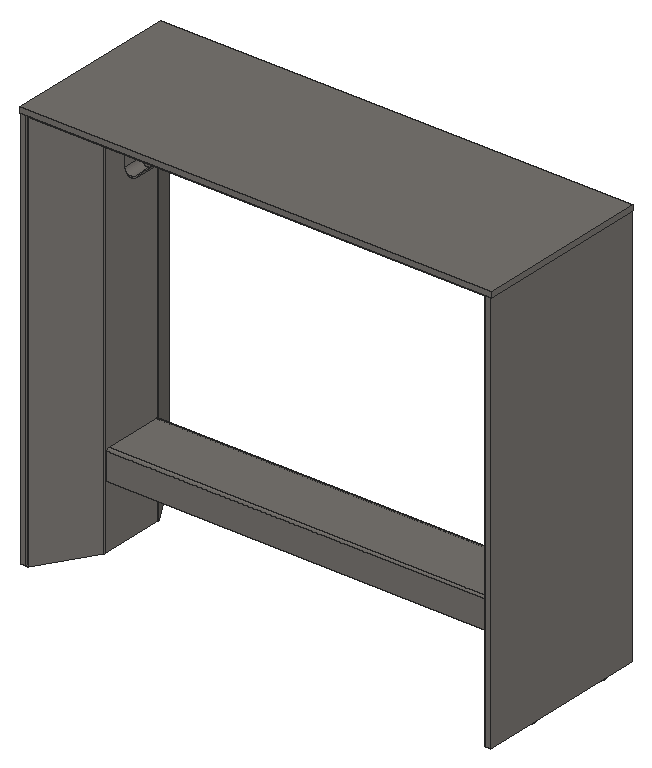
Revit family "revitupgrade", category Furniture, Revit 2019
Family settings
  OmniClass Number = 23.40.70.14.64.11
  OmniClass Title = Office Furniture
  Work Plane-Based = No
  Always vertical = Yes
  Cut with Voids When Loaded = No
  Shared = No
  Room Calculation Point = No
Parameters (values of type "48W")
  Width = 48.00"
  URL = "https://www.steelcase.com/products/lounge-chairs/turnstone-campfire-collection/"
  Top [instance] = Steelcase - 25L6 Blackwood LPL
  Symbol Name = "TS4TPSTS48A,TS4TPSTS48A2,TS4TPSTS48A3"
  Style Number(s) = "TS4TPSTS48"
  Release Date = "January 2022"  # constant formula
  Receptacle = Steelcase - 6249 Platinum Solid
  Manufacturer = "Steelcase"  # constant formula
  Frame [instance] = Steelcase - 25L6 Blackwood LPL
  Footshelf [instance] = Steelcase - 25L6 Blackwood LPL
  Description = "Campfires draw us together. They create closeness in open space. They are the center of attention"  # constant formula
  Copyright = "© 2010 Steelcase Inc."  # constant formula
  AutoCAD Tag = "48"
  Assembly Code = "E2020200"
Types (2): name | Width | Symbol Name | Style Number(s) | AutoCAD Tag
  60W | 60.00" | "TS4TPSTS60A5,TS4TPSTS60A6,TS4TPSTS60A4" | "TS4TPSTS60" | "60"
  48W | 48.00" | "TS4TPSTS48A,TS4TPSTS48A2,TS4TPSTS48A3" | "TS4TPSTS48" | "48"
Reference planes (in)
  plane 1 "Center Front/Back": y = 0
  plane 2 "Bottom": z = 0
  plane 3 "Center Left/Right": x = 0
  plane 4: x = 48
  plane 5: z = 0.3189
  plane 6: y = -0.0395
  plane 7: y = -17.96063
  plane 8: y = -17.99999
  plane 9: x = 0.07855
  plane 10: x = 47.92143
  plane 11: x = 47.40648
  plane 12: x = 0.59351
  plane 13: x = 0.77099
  plane 14: through (0, -14.08785, 38.93183) normal (0, -0.5323, -0.8465)
  plane 15: through (0, -0.97067, 40.78146) normal (0, -0.5323, 0.8465)
  plane 16: y = -9
  plane 17: x = 4.22243
  plane 18: x = 43.77769
  plane 19: x = 24
Forms (in)
  Extrusion 1, solid, material "Steelcase - 25L6 Blackwood LPL" <- "Top"
    sketch origin (0, 0, 0) x (1, 0, 0) y (0, 1, 0)
      loop
        line (0, -0.0395) -> (0, -17.99999) -> (48, -17.99999) -> (48, -0.0395) -> (0, -0.0395)
    from 41.46425 to 42.01424
  Extrusion 2, solid, material "Steelcase - 25L6 Blackwood LPL" <- "Top"
    sketch origin (0, 0, 0) x (1, 0, 0) y (0, 0, 1)
      loop
        line (0.07855, 41.46425) -> (0.07855, 0.3189) -> (0.59351, 0.3189) -> (0.59351, 41.46425) -> (0.07855, 41.46425)
      loop
        line (47.40648, 41.46425) -> (47.40648, 0.3189) -> (47.92143, 0.3189) -> (47.92143, 41.46425) -> (47.40648, 41.46425)
    from 0.0395 to 17.96063
  Extrusion 3, solid, material "Steelcase - 25L6 Blackwood LPL" <- "Frame"
    sketch origin (66, 0, 0) x (-1, 0, 0) y (0, -1, 0)
      loop
        line (18.59352, 17.82528) -> (18.59352, 0.17703)
        arc (18.59352, 0.17703) -> (18.67384, 0.06783) -> (18.80201, 0.11197) r 0.11439
        line (18.80201, 0.11197) -> (22.1626, 5.49014)
        arc (22.1626, 5.49014) -> (22.20708, 5.59007) -> (22.22231, 5.69838) r 0.39298
        line (22.22231, 5.69838) -> (22.22231, 12.29793)
        arc (22.22231, 12.29793) -> (22.20659, 12.40978) -> (22.16065, 12.51296) r 0.40578
        line (22.16065, 12.51296) -> (18.79981, 17.89153)
        arc (18.79981, 17.89153) -> (18.67251, 17.93361) -> (18.59352, 17.82528) r 0.11378
    from 0.3189 to 41.46425
  Extrusion 4, solid, material "Steelcase - 25L6 Blackwood LPL" <- "Frame"
    sketch origin (0, 0, 0) x (0, 1, 0) y (0, 0, 1)
      loop
        line (-5.46283, 37.95673) -> (-0.24075, 41.24044)
        arc (-0.24075, 41.24044) -> (-0.18881, 41.37662) -> (-0.30527, 41.46425) r 0.1212
        line (-0.30527, 41.46425) -> (-17.6872, 41.46425)
        arc (-17.6872, 41.46425) -> (-17.80574, 41.37505) -> (-17.75287, 41.23644) r 0.12337
        line (-17.75287, 41.23644) -> (-12.53716, 37.95673)
        arc (-12.53716, 37.95673) -> (-12.4095, 37.89956) -> (-12.271, 37.88) r 0.5
        line (-12.271, 37.88) -> (-5.72899, 37.88)
        arc (-5.72899, 37.88) -> (-5.59049, 37.89956) -> (-5.46283, 37.95673) r 0.5
    from 0.59351 to 47.40648
  Extrusion 5, solid, material "Steelcase - 6205 Black"
    sketch origin (0, 0, 0) x (1, 0, 0) y (0, 1, 0)
      loop
        circle (0.77099, -3.1212) r 0.5
      loop
        circle (0.77099, -12.10628) r 0.5
      loop
        circle (47.17229, -3.12265) r 0.5
      loop
        circle (47.17069, -12.10628) r 0.5
    from 0 to 0.3189
  Extrusion 6, solid, material "Steelcase - 25L6 Blackwood LPL" <- "Footshelf"
    sketch origin (0, 0, 0) x (0, 1, 0) y (0, 0, 1)
      loop
        arc (-5.93237, 9.74631) -> (-5.83589, 9.70634) -> (-5.79592, 9.60986) r 0.13645
        line (-5.79592, 9.60986) -> (-5.79592, 6.84929) -> (-5.69293, 6.84929) -> (-5.69293, 9.61591)
        arc (-5.69293, 9.61591) -> (-5.76128, 9.78094) -> (-5.92631, 9.84929) r 0.23339
        line (-5.92631, 9.84929) -> (-12.07776, 9.84929)
        arc (-12.07776, 9.84929) -> (-12.23993, 9.78212) -> (-12.30711, 9.61995) r 0.22935
        line (-12.30711, 9.61995) -> (-12.30711, 6.85081) -> (-12.20411, 6.85081) -> (-12.20411, 9.61509)
        arc (-12.20411, 9.61509) -> (-12.16568, 9.70788) -> (-12.07289, 9.74631) r 0.13122
        line (-12.07289, 9.74631) -> (-5.93237, 9.74631)
    from 4.22243 to 43.77769
  Extrusion 7, solid, material "Steelcase - 25L6 Blackwood LPL" <- "Frame"
    sketch origin (-6, 0, 0) x (1, 0, 0) y (0, 1, 0)
      loop
        arc (6.59351, -17.82528) -> (6.67255, -17.93363) -> (6.79986, -17.89144) r 0.11378
        line (6.79986, -17.89144) -> (10.16077, -12.51277)
        arc (10.16077, -12.51277) -> (10.20671, -12.40959) -> (10.22243, -12.29774) r 0.40578
        line (10.22243, -12.29774) -> (10.22243, -5.69857)
        arc (10.22243, -5.69857) -> (10.2072, -5.59026) -> (10.16271, -5.49033) r 0.39298
        line (10.16271, -5.49033) -> (6.80208, -0.11209)
        arc (6.80208, -0.11209) -> (6.6739, -0.06781) -> (6.59351, -0.17703) r 0.11439
        line (6.59351, -0.17703) -> (6.59351, -17.82528)
    from 0.3189 to 41.46425
  Extrusion 8, solid, material "Steelcase - 25L6 Blackwood LPL" <- "Frame"
    sketch origin (0, 0, 0) x (1, 0, 0) y (0, 0, 1)
      loop
        line (4.2975, 36.63669) -> (4.22243, 36.63669) -> (4.22243, 34.55698)
        arc (4.22243, 34.55698) -> (4.69147, 33.86159) -> (5.51193, 34.03598) r 0.75
        line (5.51193, 34.03598) -> (6.62404, 35.1876) -> (6.57224, 35.23939) -> (5.4602, 34.08784)
        arc (5.4602, 34.08784) -> (4.72042, 33.93059) -> (4.2975, 34.5576) r 0.67625
        line (4.2975, 34.5576) -> (4.2975, 36.63669)
    from 7.99996 to 9.99998
  Extrusion 9, solid, material "Steelcase - 25L6 Blackwood LPL" <- "Frame"
    sketch origin (48, 0, 0) x (-1, 0, 0) y (0, 0, -1)
      loop
        line (4.2975, -36.63669) -> (4.2975, -34.5576)
        arc (4.2975, -34.5576) -> (4.72042, -33.93059) -> (5.4602, -34.08784) r 0.67625
        line (5.4602, -34.08784) -> (6.57224, -35.23939) -> (6.62404, -35.1876) -> (5.51181, -34.03586)
        arc (5.51181, -34.03586) -> (4.69135, -33.86146) -> (4.22231, -34.55685) r 0.75
        line (4.22231, -34.55685) -> (4.22231, -36.63669) -> (4.2975, -36.63669)
    from 7.99996 to 9.99998
  Extrusion 10, void
    sketch origin (-0.15625, 0, 0) x (1, 0, 0) y (0, 1, 0)
      loop
        line (5.26271, -7.97571) -> (6.26611, -8.10659)
        arc (6.26611, -8.10659) -> (6.44211, -8.20789) -> (6.53029, -8.39082) r 0.34391
        line (6.53029, -8.39082) -> (6.53029, -9.60918)
        arc (6.53029, -9.60918) -> (6.43486, -9.79968) -> (6.24552, -9.89741) r 0.34391
        line (6.24552, -9.89741) -> (5.05829, -10.02138) -> (5.05829, -10.24996) -> (7.2102, -10.24996) -> (7.2102, -7.49996) -> (5.26271, -7.49996) -> (5.26271, -7.97571)
    from 20.31768 to 36.63669
  Extrusion 11, void
    sketch origin (48.15625, 0, 0) x (-1, 0, 0) y (0, -1, 0)
      loop
        line (5.26271, 7.97571) -> (5.26271, 7.49996) -> (7.2102, 7.49996) -> (7.2102, 10.24996) -> (5.05829, 10.24996) -> (5.05829, 10.02138) -> (6.24552, 9.89741)
        arc (6.24552, 9.89741) -> (6.43486, 9.79968) -> (6.53029, 9.60918) r 0.34391
        line (6.53029, 9.60918) -> (6.53029, 8.39082)
        arc (6.53029, 8.39082) -> (6.44211, 8.20789) -> (6.26611, 8.10659) r 0.34391
        line (6.26611, 8.10659) -> (5.26271, 7.97571)
    from 20.31768 to 36.63669
  Extrusion 12, solid, material "Steelcase - 6249 Platinum Solid" <- "Receptacle"
    sketch origin (0, -14.08785, 38.93183) x (0, -0.846544, 0.532319) y (-1, 0, 0)
      loop
        line (1.84584, -22.42039) -> (0.0962, -22.42039) -> (0.0962, -25.56436) -> (1.84584, -25.56436) -> (1.84584, -22.42039)
    from 0 to 0.06421
  Extrusion 13, solid, material "Steelcase - 6249 Platinum Solid" <- "Receptacle"
    sketch origin (0, -14.12203, 38.87747) x (0, -0.846544, 0.532319) y (-1, 0, 0)
      loop
        line (1.79268, -23.46387) -> (0.29268, -23.46387) -> (0.29268, -24.53613) -> (1.79268, -24.53613) -> (1.79268, -23.46387)
      loop
        line (1.59888, -23.68635) -> (0.80293, -23.68635) -> (0.80293, -23.81246) -> (1.59888, -23.81246) -> (1.59888, -23.68635)
      loop
        line (1.56539, -24.17851) -> (0.93407, -24.17851) -> (0.93407, -24.30135) -> (1.56539, -24.30135) -> (1.56539, -24.17851)
      loop
        line (1.00537, -23.88104) -> (0.6373, -23.88104) -> (0.6373, -24.12519) -> (1.00537, -24.12519) -> (1.00537, -23.88104)
    from 0 to 0.04
  Extrusion 14, solid, material "Steelcase - 6249 Platinum Solid" <- "Receptacle"
    sketch origin (0, -3.91214, 38.93183) x (0, 0.846544, 0.532319) y (1, 0, 0)
      loop
        line (1.84584, 22.42039) -> (1.84584, 25.56436) -> (0.0962, 25.56436) -> (0.0962, 22.42039) -> (1.84584, 22.42039)
    from 0 to 0.06421
  Extrusion 15, solid, material "Steelcase - 6249 Platinum Solid" <- "Receptacle"
    sketch origin (0, -3.87796, 38.87747) x (0, 0.846544, 0.532319) y (1, 0, 0)
      loop
        line (1.79268, 23.46387) -> (1.79268, 24.53613) -> (0.29268, 24.53613) -> (0.29268, 23.46387) -> (1.79268, 23.46387)
      loop
        line (1.59888, 23.68635) -> (1.59888, 23.81246) -> (0.80293, 23.81246) -> (0.80293, 23.68635) -> (1.59888, 23.68635)
      loop
        line (1.56539, 24.17851) -> (1.56539, 24.30135) -> (0.93407, 24.30135) -> (0.93407, 24.17851) -> (1.56539, 24.17851)
      loop
        line (1.00537, 23.88104) -> (1.00537, 24.12519) -> (0.6373, 24.12519) -> (0.6373, 23.88104) -> (1.00537, 23.88104)
    from 0 to 0.04
Cuts and joins
  Extrusion 10 cuts Extrusion 6
  Extrusion 10, Extrusion 11 cuts Extrusion 8
  Extrusion 11 cuts Extrusion 9
Lines and regions (in)
  Masking region 1
    outline origin (0, 0, 0) x (1, 0, 0) y (0, 1, 0)
      loop
        line (48, 0) -> (0, 0) -> (0, -17.99999) -> (48, -17.99999) -> (48, 0)
Dimensions and locks (in)
  locked: plane 5 to plane 2 "Bottom" at 0.3189
  plane 3 "Center Left/Right" to plane 9 to plane 12 to plane 13 to plane 17 = 0.07855" locked, 0.51496" locked, 0.17748" locked, 3.45144" locked
  plane 18 to plane 11 to plane 10 to plane 4 = 3.62879" locked, 0.51495" locked, 0.07857" locked
  equal spacing: plane 1 "Center Front/Back", plane 16, plane 8
  locked: plane 6 to plane 1 "Center Front/Back" at 0.0395
  locked: plane 8 to plane 7 at 0.03937
  "Width": plane 3 "Center Left/Right" to plane 4
  equal spacing: plane 3 "Center Left/Right", plane 19, plane 4
  locked: plane 18 to Extrusion 9 sketch curve at 0.07519
  locked: plane 16 to Extrusion 10 sketch curve at 1.50003
  locked: Extrusion 10 sketch curve to plane 16 at 1.24997
  plane 17 to Extrusion 10 sketch curve = 0.88403"
  Extrusion 12 sketch curve to plane 19 to Extrusion 12 sketch curve = 1.56436" locked, 1.57961" locked
  equal spacing: Extrusion 13 sketch curve, plane 19, Extrusion 13 sketch curve, locked at 0.53613 each
  Extrusion 13 sketch curve to Extrusion 13 sketch curve to plane 19 to Extrusion 13 sketch curve to Extrusion 13 sketch curve = 0.12284" locked, 0.17851" locked, 0.18754" locked, 0.12611" locked
  Extrusion 13 sketch curve to plane 19 to Extrusion 13 sketch curve = 0.12519" locked, 0.11896" locked
  Extrusion 14 sketch curve to Extrusion 14 sketch curve = 3.14397"
  Extrusion 15 sketch curve to Extrusion 15 sketch curve = 1.07225"
  Extrusion 15 sketch curve to Extrusion 15 sketch curve to Extrusion 15 sketch curve to Extrusion 15 sketch curve = 0.12611" locked, 0.36605", 0.12284" locked
  Extrusion 15 sketch curve to Extrusion 15 sketch curve = 0.24416"
  aligned and locked: level to plane 2 "Bottom"
  aligned and locked: Extrusion 1 to plane 6
  aligned and locked: plane 7 to Extrusion 2
  aligned and locked: plane 8 to Extrusion 1
  aligned and locked: Extrusion 2 to plane 7  (x2)
  aligned and locked: Extrusion 2 to plane 6
  aligned and locked: Extrusion 3 to plane 11
  aligned and locked: plane 11 to Extrusion 2
  aligned and locked: plane 12 to Extrusion 2
  aligned and locked: plane 5 to Extrusion 5
  aligned and locked: Extrusion 4 to plane 11
  aligned and locked: Extrusion 6 to plane 17
  aligned and locked: Extrusion 6 to plane 18
  aligned and locked: plane 18 to Extrusion 3 sketch curve
  aligned and locked: Extrusion 3 sketch curve to plane 11
  aligned and locked: plane 12 to Extrusion 7 sketch curve
  aligned and locked: Extrusion 7 sketch curve to plane 17
  aligned and locked: plane 18 to Extrusion 9 sketch curve
Automatic sketch dimensions
  Extrusion 12 sketch curve to Extrusion 12 sketch curve = 1.74964"
  Extrusion 13 sketch curve to Extrusion 12 = 0.19648"
  Extrusion 13 sketch curve to Extrusion 13 sketch curve = 0.34461"
  Extrusion 13 sketch curve to Extrusion 13 sketch curve = 0.29678"
  Extrusion 13 sketch curve to Extrusion 13 sketch curve = 0.16563"
  Extrusion 13 sketch curve to Extrusion 13 sketch curve = 0.0713"
  Extrusion 13 sketch curve to Extrusion 12 = 0.28045"
  Extrusion 13 sketch curve to Extrusion 12 = 0.24696"
  Extrusion 13 sketch curve to Extrusion 12 = 0.05316"
  Extrusion 13 sketch curve to Extrusion 13 sketch curve = 0.22248"
  Extrusion 1 sketch curve to plane 3 "Center Left/Right" = 0.00"
  Extrusion 1 sketch curve to plane 4 = 0.00"
  plane 8 to Extrusion 1 sketch curve = 0.00"
  plane 6 to Extrusion 1 sketch curve = 0.00"
  Extrusion 2 sketch curve to plane 5 = 0.00"  (x2)
  Extrusion 2 sketch curve to plane 9 = 0.00"
  Extrusion 2 sketch curve to plane 12 = 0.00"
  plane 11 to Extrusion 2 sketch curve = 0.00"
  plane 10 to Extrusion 2 sketch curve = 0.00"
  Extrusion 2 sketch curve to Extrusion 2 sketch curve = 41.14535"
  plane 5 to Extrusion 2 sketch curve = 41.14535"
  plane 1 "Center Front/Back" to Masking region 1 sketch curve = 0.00"
  Masking region 1 sketch curve to plane 3 "Center Left/Right" = 0.00"
  Masking region 1 sketch curve to plane 4 = 0.00"
  plane 8 to Masking region 1 sketch curve = 0.00"
  Extrusion 3 sketch curve to Extrusion 3 sketch curve = 0.11378"
  Extrusion 3 sketch curve to Extrusion 3 sketch curve = 0.11439"
  plane 7 to Extrusion 3 sketch curve = 0.0691"
  Extrusion 3 sketch curve to Extrusion 3 sketch curve = 0.09251"
  Extrusion 3 sketch curve to plane 6 = 0.07247"
  Extrusion 3 sketch curve to Extrusion 3 sketch curve = 0.09409"
  plane 18 to Extrusion 3 sketch curve = 0.40578"
  plane 18 to Extrusion 3 sketch curve = 0.39298"
  plane 18 to Extrusion 3 sketch curve = 0.06166"
  plane 18 to Extrusion 3 sketch curve = 0.05971"
  Extrusion 3 sketch curve to plane 16 = 3.51296"
  plane 16 to Extrusion 3 sketch curve = 3.30161"
  Extrusion 4 sketch curve to plane 14 = 0.00"
  plane 14 to Extrusion 4 sketch curve = 0.00"
  Extrusion 4 sketch curve to plane 15 = 0.00"
  plane 15 to Extrusion 4 sketch curve = 0.00"
  Extrusion 4 sketch curve to plane 7 = 0.20775"
  Extrusion 4 sketch curve to Extrusion 4 sketch curve = 0.06567"
  plane 16 to Extrusion 4 sketch curve = 3.53716"
  Extrusion 4 sketch curve to Extrusion 4 sketch curve = 0.26616"  (x2)
  Extrusion 4 sketch curve to plane 16 = 3.27101"
  plane 6 to Extrusion 4 sketch curve = 0.26577"
  Extrusion 4 sketch curve to Extrusion 4 sketch curve = 0.06452"
  Extrusion 4 sketch curve to Extrusion 4 sketch curve = 0.07673"
  Extrusion 4 sketch curve to Extrusion 4 sketch curve = 0.10444"
  Extrusion 5 sketch curve to plane 13 = 0.00"  (x2)
  plane 11 to Extrusion 5 sketch curve = 0.23578"
  plane 11 to Extrusion 5 sketch curve = 0.23419"
  plane 16 to Extrusion 5 sketch curve = 3.10628"  (x2)
  plane 6 to Extrusion 5 sketch curve = 3.08315"
  plane 6 to Extrusion 5 sketch curve = 3.0817"
  plane 16 to Extrusion 6 sketch curve = 3.30711"
  Extrusion 6 sketch curve to Extrusion 6 sketch curve = 0.103"  (x2)
  Extrusion 6 sketch curve to Extrusion 6 sketch curve = 0.12635"
  Extrusion 6 sketch curve to Extrusion 6 sketch curve = 0.00487"
  Extrusion 6 sketch curve to plane 16 = 3.06762"
  Extrusion 6 sketch curve to Extrusion 6 sketch curve = 0.00606"
  Extrusion 6 sketch curve to Extrusion 6 sketch curve = 0.13039"
  plane 5 to Extrusion 6 sketch curve = 6.53039"
  Extrusion 6 sketch curve to Extrusion 6 sketch curve = 0.00151"
  Extrusion 6 sketch curve to Extrusion 6 sketch curve = 2.76056"
  Extrusion 6 sketch curve to Extrusion 6 sketch curve = 0.00605"
  Extrusion 7 sketch curve to plane 13 = 0.06369"
  Extrusion 7 sketch curve to plane 13 = 0.06308"
  plane 13 to Extrusion 7 sketch curve = 0.02887"
  plane 13 to Extrusion 7 sketch curve = 0.03109"
  Extrusion 7 sketch curve to plane 17 = 0.40578"
  Extrusion 7 sketch curve to Extrusion 7 sketch curve = 0.39298"
  Extrusion 7 sketch curve to plane 17 = 0.06166"
  Extrusion 7 sketch curve to plane 17 = 0.05971"
  Extrusion 7 sketch curve to plane 7 = 0.06918"
  plane 16 to Extrusion 7 sketch curve = 3.51277"
  Extrusion 7 sketch curve to plane 16 = 3.30142"
  plane 6 to Extrusion 7 sketch curve = 0.13753"
  Extrusion 8 sketch curve to plane 17 = 0.00"
  Extrusion 8 sketch curve to Extrusion 8 sketch curve = 0.07507"
  Extrusion 8 sketch curve to Extrusion 8 sketch curve = 0.67493"
  Extrusion 8 sketch curve to Extrusion 8 sketch curve = 0.00132"
  Extrusion 8 sketch curve to Extrusion 8 sketch curve = 0.48645"
  Extrusion 8 sketch curve to Extrusion 8 sketch curve = 0.05173"
  Extrusion 8 sketch curve to Extrusion 8 sketch curve = 1.11204"
  Extrusion 8 sketch curve to Extrusion 8 sketch curve = 0.05179"  (x2)
  plane 5 to Extrusion 8 sketch curve = 33.71708"
  Extrusion 8 sketch curve to Extrusion 8 sketch curve = 0.05186"
  Extrusion 8 sketch curve to Extrusion 8 sketch curve = 1.15162"
  Extrusion 8 sketch curve to Extrusion 8 sketch curve = 2.07971"
  Extrusion 9 sketch curve to Extrusion 9 sketch curve = 0.67481"
  Extrusion 9 sketch curve to Extrusion 9 sketch curve = 0.00144"
  Extrusion 9 sketch curve to Extrusion 9 sketch curve = 0.48645"
  Extrusion 9 sketch curve to Extrusion 9 sketch curve = 0.05161"
  Extrusion 9 sketch curve to Extrusion 9 sketch curve = 1.11204"
  Extrusion 9 sketch curve to Extrusion 9 sketch curve = 0.05179"  (x2)
  Extrusion 9 sketch curve to plane 5 = 33.71696"
  Extrusion 9 sketch curve to Extrusion 9 sketch curve = 0.05198"
  Extrusion 9 sketch curve to Extrusion 9 sketch curve = 1.15174"
  Extrusion 9 sketch curve to Extrusion 9 sketch curve = 2.07984"
  plane 17 to Extrusion 10 sketch curve = 0.67962"
  plane 16 to Extrusion 10 sketch curve = 0.55797"
  Extrusion 10 sketch curve to Extrusion 10 sketch curve = 1.13191"
  Extrusion 10 sketch curve to Extrusion 10 sketch curve = 0.9275"
  plane 16 to Extrusion 10 sketch curve = 0.89741"
  Extrusion 10 sketch curve to Extrusion 10 sketch curve = 0.05531"
  Extrusion 10 sketch curve to plane 16 = 0.89341"
  Extrusion 10 sketch curve to Extrusion 10 sketch curve = 0.0759"
  Extrusion 10 sketch curve to Extrusion 10 sketch curve = 0.34008"
  Extrusion 10 sketch curve to Extrusion 10 sketch curve = 0.67991"
  Extrusion 10 sketch curve to Extrusion 10 sketch curve = 0.22859"
  Extrusion 10 sketch curve to Extrusion 10 sketch curve = 0.33543"
  Extrusion 10 sketch curve to Extrusion 10 sketch curve = 0.47575"
  Extrusion 11 sketch curve to plane 18 = 0.67974"
  Extrusion 11 sketch curve to plane 18 = 0.88415"
  Extrusion 11 sketch curve to plane 16 = 0.55797"
  Extrusion 11 sketch curve to Extrusion 11 sketch curve = 1.13191"
  Extrusion 11 sketch curve to Extrusion 11 sketch curve = 0.9275"
  Extrusion 11 sketch curve to plane 16 = 0.89741"
  Extrusion 11 sketch curve to Extrusion 11 sketch curve = 0.05531"
  plane 16 to Extrusion 11 sketch curve = 0.89341"
  Extrusion 11 sketch curve to Extrusion 11 sketch curve = 0.0759"
  Extrusion 11 sketch curve to Extrusion 11 sketch curve = 0.34008"
  Extrusion 11 sketch curve to Extrusion 11 sketch curve = 0.67991"
  Extrusion 11 sketch curve to plane 16 = 1.02138"
  Extrusion 11 sketch curve to Extrusion 11 sketch curve = 0.22859"
  Extrusion 11 sketch curve to Extrusion 11 sketch curve = 0.33543"
  Extrusion 11 sketch curve to Extrusion 11 sketch curve = 0.13088"
  Extrusion 11 sketch curve to Extrusion 11 sketch curve = 0.47575"
  plane 19 to Extrusion 14 sketch curve = 1.57961"
  Extrusion 14 sketch curve to Extrusion 14 sketch curve = 1.74964"
  Extrusion 15 sketch curve to Extrusion 14 = 0.19648"
  Extrusion 15 sketch curve to Extrusion 15 sketch curve = 0.34461"
  Extrusion 15 sketch curve to Extrusion 15 sketch curve = 0.16563"
  Extrusion 15 sketch curve to Extrusion 15 sketch curve = 0.29678"
  Extrusion 15 sketch curve to Extrusion 15 sketch curve = 0.20244"
  Extrusion 15 sketch curve to Extrusion 14 = 0.28045"
  Extrusion 15 sketch curve to Extrusion 14 = 0.24696"
  Extrusion 15 sketch curve to Extrusion 14 = 0.05316"
  Extrusion 15 sketch curve to Extrusion 14 = 1.04348"
  Extrusion 15 sketch curve to Extrusion 15 sketch curve = 0.22248"
  Extrusion 15 sketch curve to Extrusion 15 sketch curve = 0.06858"
  Extrusion 15 sketch curve to Extrusion 15 sketch curve = 0.41093"
  radius of Extrusion 5 sketch curve = 0.50"  (x4)
